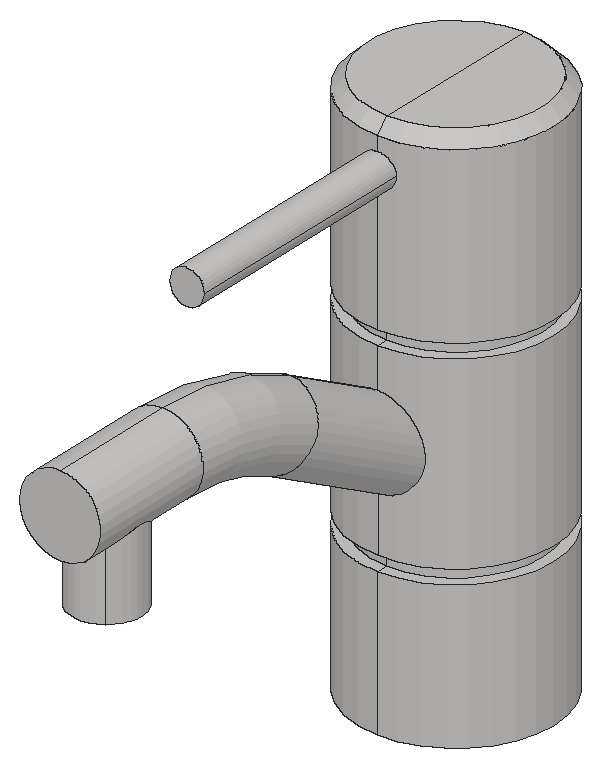
Revit family "Ifö Spira 15048 WB left - 415 mm", category Generic Models, Revit 2015
Parameters (values of type "Ifö Spira 15048 WB  left - 415 mm")
  ifcExportType = "WASHHANDBASIN"
  ifcExportAs = "ifcSanitaryTerminalType"
  Width = 415.00 mm
  WashHandBasingMounting = "WallHung"
  WashHandBasinType = "Vanity"
  WarrantyStartDate = "n/a"
  WarrantyGuarantorParts = "n/a"
  WarrantyGuarantorLabor = "n/a"
  WarrantyDurationUnit = "n/a"
  WarrantyDurationParts = "n/a"
  WarrantyDurationLabor = "n/a"
  WarrantyDescription = "n/a"
  URL.se = "http://www.ifo.se/produkter/tvattstall/"
  URL.no = "http://www.ifosanitar.no/produkter/servanter/"
  URL.dk = "http://www.ifo.dk/produkter/handvaske/"
  URL = "n/a"
  Type Comments = "n/a"
  Type = "Building element"
  TagNumber = "n/a"
  SustainabilityPerformance = "n/a"
  SupplyPipeDiameter = 10.00 mm
  Size = "415x148x310"
  Shape = "Rounded"
  Serie = "Spira"
  SerialNumber = "n/a"
  ReturnPipeDiameter = 32.00 mm
  ReplacementCost = "n/a"
  NominalWidth = 415.00 mm
  NominalHeight = 148.00 mm
  NominalDepth = 310.00 mm
  Name = "Ifö Spira 15048 Wash basin L, 41,5 cm"
  MountingHeight(offset) = 850.00 mm
  ModelReference = "Spira"
  ModelNumber = "15048"
  Model = "Ifö Spira 15048 WB 415 mm left"
  Mixernotincluded(option) = yes
  Material = "Porcelain"
  Manufacturer = "Geberit"
  Keynote = "n/a"
  InstallationDate = "n/a"
  Height = 148.00 mm
  Grade = "n/a"
  Finish = "Glazed"
  Features = "feature1, feature2, feature7"
  ExpectedLife = "n/a"
  DurationUnit = "n/a"
  DrainSize = 0.00 mm
  Description = "Ifö Spira 15048 Wash basin L, 41,5 cm"
  Depth = 310.00 mm
  Constituents = "n/a"
  ConnectorIn_VDistance = 50.00 mm
  ConnectorIn_HDistance = 120.00 mm
  Color = "White"
  CodePerformance = "n/a"
  Category = "WashHandBasin"
  CE labeling = "n/a"
  Brand = "Ifö"
  Brackets = Metal-Steel
  BarCode = "n/a"
  BIMObjectName = "Ifö Spira 15048 WB left - 415 mm"
  AssetType = "n/a"
  AssetIdentifier = "n/a"
  AccessibilityPerformance = "n/a"
Reference planes
  plane 1 "Center (Front/Back)": y = 0
  plane 2: z = 0
  plane 3 "Center (Left/Right)": x = 0
  plane 4: z = 850
  plane 5 "Drain": z = 720.05
  plane 6: z = 770.05
  plane 7: x = 120
  plane 8: x = -120
  plane 9: y = -148.062
Dimensions and locks
  "MountingHeight(offset)": level to nested 1
  "MountingHeight(offset)": plane 4 to level
  locked: plane 4 to plane 5 "Drain" at 129.95
  "ConnectorIn_VDistance": plane 6 to plane 5 "Drain"
  "ConnectorIn_HDistance": plane 3 "Center (Left/Right)" to plane 8
  "ConnectorIn_HDistance": plane 7 to plane 3 "Center (Left/Right)"
  locked: connector elem to plane 6  (x2)
  locked: plane 8 to connector elem
  locked: connector elem to plane 7 at 0
  locked: connector elem to plane 9
  aligned and locked: plane 2 to level
  aligned and locked: plane 3 "Center (Left/Right)" to nested 1
  aligned and locked: nested 1 to plane 1 "Center (Front/Back)"
Nested families
  nested 1: "Generic" at (0, 0, 150), type "Generic"
Connectors
  piping at (120, 0, 770.05), diameter 10, driven by "SupplyPipeDiameter"
    settings: index 1, connector inside diameter 24", connector length 0.00 mm, flow factor 0, pipe flow 0 GPM, pressure drop 0.00 psi, fitting loss kfactor 0, connector angle 0.00°, fixture units 0, engagement length 0.00 mm, angle of deflection 0.00°, flow configuration 0, flow direction 1, fitting loss method 0, system type 20, joint type 0, gender type 0, connector reference index -1, connector utility 0, adjustable connector no, is connector primary yes, connector description ""
  piping at (-120, 0, 770.05), diameter 10, driven by "SupplyPipeDiameter"
    settings: index 2, connector inside diameter 24", connector length 0.00 mm, flow factor 0, pipe flow 0 GPM, pressure drop 0.00 psi, fitting loss kfactor 0, connector angle 0.00°, fixture units 0, engagement length 0.00 mm, angle of deflection 0.00°, flow configuration 0, flow direction 1, fitting loss method 0, system type 19, joint type 0, gender type 0, connector reference index -1, connector utility 0, adjustable connector no, is connector primary no, connector description ""
  piping at (0, -148.062, 720.05), diameter 32, driven by "ReturnPipeDiameter"
    settings: index 3, connector inside diameter 24", connector length 0.00 mm, flow factor 0, pipe flow 0 GPM, pressure drop 0.00 psi, fitting loss kfactor 0, connector angle 0.00°, fixture units 0, engagement length 0.00 mm, angle of deflection 0.00°, flow configuration 0, flow direction 2, fitting loss method 0, system type 16, joint type 0, gender type 0, connector reference index -1, connector utility 0, adjustable connector no, is connector primary no, connector description ""
Definition of nested family "Generic"
  Parameters
    VVS number = ""
    Reseller = ""
    Ifö number = ""
    Fittings = none
    CE labeling = ""
  Reference planes
    plane 1 "Center (Front/Back)": y = 0
    plane 2: z = 0
    plane 3 "Center (Left/Right)": x = 0
    plane 4: z = 700
  Forms (mm)
    Revolve 1, solid, material <- "Fittings"
      sketch origin (-100, 11.41, 508.316) x (0, 1, 0) y (0, 0, 1)
        loop
          line (-81.936, 191.684) -> (-64.936, 191.684) -> (-64.936, 286.704) -> (-79.789, 286.704) -> (-81.936, 284.557) -> (-81.936, 254.557) -> (-79.936, 254.557) -> (-79.936, 252.057) -> (-81.936, 252.057) -> (-81.936, 219.557) -> (-79.936, 219.557) -> (-79.936, 217.057) -> (-81.936, 217.057) -> (-81.936, 191.684)
        axis (-64.936, 286.704) -> (-64.936, 191.684)
      angle from 0 to 360
    Sweep 2, solid, material <- "Fittings"
      path origin (85, 8.91, 498.316) x (0, 1, 0) y (0, 0, 1)
        loop
          line (-147.967, 265.803) -> (-125.897, 265.803)
          arc (-125.897, 265.803) -> (-113.378, 264.21) -> (-101.657, 259.534) r 50
          line (-101.657, 259.534) -> (-72.443, 243.34)
      profile origin (85, -128.022, 764.119) x (0, 0, 1) y (1, 0, 0)
        loop
          circle (0, -185) r 7
    Extrusion 3, solid, material <- "Fittings"
      sketch origin (-100, 11.41, 508.316) x (1, 0, 0) y (0, 0, 1)
        loop
          circle (0, 279.191) r 3
      from 74.245 to 123.053
    Extrusion 4, solid, material <- "Fittings"
      sketch origin (74.135, -135.169, 235) x (0.601815, -0.798636, 0) y (0.798636, 0.601815, 0)
        loop
          circle (-109.679, -135.391) r 6.014
      from 527.873 to 511.219
  Cuts and joins
    joined: Revolve 1, Sweep 2, Extrusion 3, Extrusion 4
  Lines and regions (mm)
    Masking region 1
      outline origin (0, -149.481, 37.277) x (0, 1, 0) y (0, 0, 1)
        loop
          line (110.808, 757.743) -> (81.102, 757.743) -> (78.955, 755.596) -> (78.955, 753.229) -> (37.838, 753.229) -> (37.838, 747.229) -> (78.955, 747.229) -> (78.955, 725.596) -> (80.955, 725.596) -> (80.955, 723.096) -> (78.955, 723.096) -> (78.955, 716.259) -> (60.288, 726.606)
          arc (60.288, 726.606) -> (46.759, 732.003) -> (32.31, 733.842) r 57.711
          line (32.31, 733.842) -> (10.424, 733.842) -> (10.424, 719.842) -> (14.41, 719.842) -> (14.41, 708.941) -> (26.439, 708.941) -> (26.439, 719.842) -> (32.31, 719.842)
          arc (32.31, 719.842) -> (43.254, 718.449) -> (53.501, 714.361) r 43.711
          line (53.501, 714.361) -> (78.955, 700.252) -> (78.955, 690.596) -> (80.955, 690.596) -> (80.955, 688.096) -> (78.955, 688.096) -> (78.955, 663.613)
          arc (78.955, 663.613) -> (89.324, 664.491) -> (99.728, 664.729) r 169.135
          arc (99.728, 664.729) -> (106.335, 665.333) -> (112.955, 665.784) r 285.621
          line (112.955, 665.784) -> (112.955, 688.096) -> (110.955, 688.096) -> (110.955, 690.596) -> (112.955, 690.596) -> (112.955, 723.096) -> (110.955, 723.096) -> (110.955, 725.596) -> (112.955, 725.596) -> (112.955, 755.596) -> (110.808, 757.743)
    Masking region 2
      outline origin (-184.011, -215, 10.02) x (1, 0, 0) y (0, 0, 1)
        loop
          line (67.011, 715.353) -> (67.011, 691.085)
          arc (67.011, 691.085) -> (84.011, 690.185) -> (101.011, 691.085) r 161.126
          line (101.011, 691.085) -> (101.011, 715.353) -> (99.011, 715.353) -> (99.011, 717.853) -> (101.011, 717.853) -> (101.011, 750.353) -> (99.011, 750.353) -> (99.011, 752.853) -> (101.011, 752.853) -> (101.011, 782.853) -> (98.865, 785) -> (69.158, 785) -> (67.011, 782.853) -> (67.011, 752.853) -> (69.011, 752.853) -> (69.011, 750.353) -> (67.011, 750.353) -> (67.011, 717.853) -> (69.011, 717.853) -> (69.011, 715.353) -> (67.011, 715.353)
    Masking region 3
      outline origin (0, 0, 700) x (0, 1, 0) y (0, 0, 1)
        loop
          arc (-182.293, -0.137) -> (-144.883, 0.65) -> (-107.468, 0.248) r 1177.88
          arc (-107.468, 0.248) -> (-90.928, -0.154) -> (-74.393, 0.397) r 287.39
          arc (-74.393, 0.397) -> (-62.102, 1.652) -> (-49.753, 2.007) r 169.135
          arc (-49.753, 2.007) -> (-40.379, 2.818) -> (-30.984, 3.319) r 285.621
          arc (-30.984, 3.319) -> (-29.677, 3.551) -> (-28.375, 3.803) r 82.153
          arc (-28.375, 3.803) -> (-20.498, 5.674) -> (-12.656, 7.686) r 451.115
          arc (-12.656, 7.686) -> (-10.28, 8.489) -> (-7.9, 9.277) r 408.271
          arc (-7.9, 9.277) -> (-6.634, 9.557) -> (-5.35, 9.733) r 15.709
          arc (-5.35, 9.733) -> (-2.86, 9.083) -> (-1.374, 6.982) r 3.754
          arc (-1.374, 6.982) -> (-0.556, 3.83) -> (-0.15, 0.6) r 25.244
          arc (-0.15, 0.6) -> (-0.037, -1.88) -> (0, -4.363) r 82.195
          line (0, -4.363) -> (0, -56.286)
          arc (0, -56.286) -> (-0.069, -59.168) -> (-0.277, -62.043) r 59.903
          arc (-0.277, -62.043) -> (-0.407, -63.176) -> (-0.578, -64.305) r 31.897
          arc (-0.578, -64.305) -> (-0.954, -65.98) -> (-1.508, -67.605) r 16.056
          arc (-1.508, -67.605) -> (-1.985, -68.512) -> (-2.637, -69.303) r 5.011
          arc (-2.637, -69.303) -> (-3.292, -69.803) -> (-4.053, -70.123) r 3.249
          arc (-4.053, -70.123) -> (-4.493, -70.205) -> (-4.94, -70.232) r 3.644
          line (-4.94, -70.232) -> (-270.299, -70.232)
          arc (-270.299, -70.232) -> (-271.46, -70.306) -> (-272.614, -70.424) r 17.233
          arc (-272.614, -70.424) -> (-273.387, -70.967) -> (-273.388, -71.911) r 1.026
          line (-273.388, -71.911) -> (-262.392, -88.617)
          arc (-262.392, -88.617) -> (-264.215, -87.224) -> (-266.024, -85.812) r 225.082
          arc (-266.024, -85.812) -> (-268.035, -84.212) -> (-270.034, -82.597) r 331.584
          arc (-270.034, -82.597) -> (-271.73, -81.201) -> (-273.412, -79.788) r 215.763
          arc (-273.412, -79.788) -> (-278.13, -75.61) -> (-282.669, -71.238) r 150.612
          arc (-282.669, -71.238) -> (-286.725, -67.001) -> (-290.612, -62.607) r 149.147
          arc (-290.612, -62.607) -> (-300.184, -49.372) -> (-308.115, -35.094) r 137.159
          arc (-308.115, -35.094) -> (-308.962, -33.2) -> (-309.707, -31.264) r 38.738
          arc (-309.707, -31.264) -> (-310.357, -29.452) -> (-311.024, -27.647) r 214.751
          arc (-311.024, -27.647) -> (-311.604, -26.003) -> (-312.121, -24.339) r 45.677
          arc (-312.121, -24.339) -> (-312.444, -23.271) -> (-312.794, -22.212) r 45.06
          arc (-312.794, -22.212) -> (-313.34, -20.535) -> (-313.828, -18.841) r 51.987
          arc (-313.828, -18.841) -> (-314.3, -17.183) -> (-314.817, -15.539) r 62.384
          arc (-314.817, -15.539) -> (-315.965, -11.623) -> (-316.89, -7.647) r 72.086
          arc (-316.89, -7.647) -> (-317.085, -6.755) -> (-317.171, -5.846) r 7.547
          arc (-317.171, -5.846) -> (-317.176, -5.231) -> (-317.151, -4.616) r 12.351
          arc (-317.151, -4.616) -> (-317.061, -4.05) -> (-316.87, -3.511) r 3.124
          arc (-316.87, -3.511) -> (-315.37, -1.641) -> (-313.17, -0.689) r 4.977
          arc (-313.17, -0.689) -> (-309.02, -0.173) -> (-304.842, 0) r 50.675
          line (-304.842, 0) -> (-182.293, 0)
    Masking region 4
      outline origin (0, 0, 700) x (1, 0, 0) y (0, 0, 1)
        loop
          arc (-171.9, -70.499) -> (-155.583, -71.74) -> (-139.291, -73.265) r 939.994
          arc (-139.291, -73.265) -> (-108.965, -76.868) -> (-78.772, -81.454) r 939.994
          arc (-78.772, -81.454) -> (0, -88.757) -> (78.772, -81.454) r 428.519
          arc (78.772, -81.454) -> (108.965, -76.868) -> (139.291, -73.265) r 939.994
          arc (139.291, -73.265) -> (155.583, -71.74) -> (171.9, -70.499) r 939.994
          line (171.9, -70.499) -> (195.382, -70.23)
          arc (195.382, -70.23) -> (198.448, -69.519) -> (200.518, -67.148) r 5.116
          arc (200.518, -67.148) -> (201.284, -65.624) -> (201.98, -64.067) r 37.119
          arc (201.98, -64.067) -> (202.851, -59.618) -> (203.128, -55.093) r 34.27
          arc (203.128, -55.093) -> (203.414, -50) -> (203.85, -44.917) r 172.016
          arc (203.85, -44.917) -> (205.166, -35.364) -> (206.2, -25.777) r 328.324
          arc (206.2, -25.777) -> (206.922, -16.007) -> (208.016, -6.271) r 257.195
          arc (208.016, -6.271) -> (207.981, -3.132) -> (207.777, 0) r 58.103
          arc (207.777, 0) -> (205.085, 5.948) -> (199.294, 8.964) r 9.991
          arc (199.294, 8.964) -> (194.311, 9.517) -> (189.3, 9.702) r 68.081
          line (189.3, 9.702) -> (-83, 9.702) -> (-83, 1.105)
          arc (-83, 1.105) -> (-100, 0.205) -> (-117, 1.105) r 161.126
          line (-117, 1.105) -> (-117, 9.702) -> (-189.3, 9.702)
          arc (-189.3, 9.702) -> (-194.311, 9.517) -> (-199.294, 8.964) r 68.081
          arc (-199.294, 8.964) -> (-205.085, 5.948) -> (-207.777, 0) r 9.991
          arc (-207.777, 0) -> (-207.981, -3.132) -> (-208.016, -6.271) r 58.103
          arc (-208.016, -6.271) -> (-206.922, -16.007) -> (-206.2, -25.777) r 257.195
          arc (-206.2, -25.777) -> (-205.166, -35.364) -> (-203.85, -44.917) r 328.324
          arc (-203.85, -44.917) -> (-203.414, -50) -> (-203.128, -55.093) r 172.016
          arc (-203.128, -55.093) -> (-202.851, -59.618) -> (-201.98, -64.067) r 34.27
          arc (-201.98, -64.067) -> (-201.284, -65.624) -> (-200.518, -67.148) r 37.119
          arc (-200.518, -67.148) -> (-198.448, -69.519) -> (-195.382, -70.23) r 5.116
          line (-195.382, -70.23) -> (-171.9, -70.499)
    Masking region 5
      outline origin (0, 0, 0) x (1, 0, 0) y (0, 1, 0)
        loop
          line (193.607, 0) -> (-193.607, 0)
          arc (-193.607, 0) -> (-199.257, -0.485) -> (-204.741, -1.926) r 33.146
          arc (-204.741, -1.926) -> (-206.694, -3.928) -> (-207.6, -6.574) r 6.361
          arc (-207.6, -6.574) -> (-207.813, -68.203) -> (-206.941, -129.827) r 3501.226
          arc (-206.941, -129.827) -> (-205.319, -191.477) -> (-203.284, -253.116) r 9194.812
          arc (-203.284, -253.116) -> (-203.07, -258.477) -> (-202.817, -263.835) r 744.597
          arc (-202.817, -263.835) -> (-202.615, -266.706) -> (-202.302, -269.566) r 74.051
          arc (-202.302, -269.566) -> (-202.025, -271.462) -> (-201.687, -273.348) r 58.359
          arc (-201.687, -273.348) -> (-200.095, -279.531) -> (-197.799, -285.489) r 55.223
          arc (-197.799, -285.489) -> (-194.9, -290.008) -> (-190.937, -293.632) r 20.736
          spline (-190.937, -293.632) -> (-189.314, -294.718) -> (-187.637, -295.74) -> (-185.905, -296.7) -> (-184.118, -297.596) -> (-182.277, -298.429) -> (-180.382, -299.198) -> (-178.432, -299.905) -> (-176.428, -300.548) -> (-174.369, -301.128) -> (-172.256, -301.644) -> (-170.088, -302.098) -> (-167.866, -302.488)
          arc (-167.866, -302.488) -> (-160.93, -303.62) -> (-153.992, -304.736) r 3072.649
          arc (-153.992, -304.736) -> (-115.707, -310.112) -> (-77.246, -314.04) r 1024.931
          arc (-77.246, -314.04) -> (-38.656, -316.417) -> (0, -317.141) r 903.834
          arc (0, -317.141) -> (38.656, -316.417) -> (77.246, -314.04) r 903.834
          arc (77.246, -314.04) -> (115.707, -310.112) -> (153.992, -304.736) r 1024.931
          arc (153.992, -304.736) -> (160.93, -303.62) -> (167.866, -302.488) r 3072.649
          spline (167.866, -302.488) -> (170.088, -302.098) -> (172.256, -301.644) -> (174.369, -301.128) -> (176.428, -300.548) -> (178.432, -299.905) -> (180.382, -299.198) -> (182.277, -298.429) -> (184.118, -297.596) -> (185.905, -296.7) -> (187.637, -295.74) -> (189.314, -294.718) -> (190.937, -293.632)
          arc (190.937, -293.632) -> (194.9, -290.008) -> (197.799, -285.489) r 20.736
          arc (197.799, -285.489) -> (200.095, -279.531) -> (201.687, -273.348) r 55.223
          arc (201.687, -273.348) -> (202.025, -271.462) -> (202.302, -269.566) r 58.359
          arc (202.302, -269.566) -> (202.615, -266.706) -> (202.817, -263.835) r 74.051
          arc (202.817, -263.835) -> (203.07, -258.477) -> (203.284, -253.116) r 744.597
          arc (203.284, -253.116) -> (205.319, -191.477) -> (206.941, -129.827) r 9194.812
          arc (206.941, -129.827) -> (207.813, -68.203) -> (207.6, -6.574) r 3501.226
          arc (207.6, -6.574) -> (206.694, -3.928) -> (204.741, -1.926) r 6.361
          arc (204.741, -1.926) -> (199.257, -0.485) -> (193.607, 0) r 33.146
    Masking region 6
      outline origin (0, 0, 700) x (1, 0, 0) y (0, 0, 1)
        loop
          line (-23.003, -129.892) -> (0, -129.892) -> (23.003, -129.892) -> (23.003, -113.033)
          arc (23.003, -113.033) -> (23.839, -110.465) -> (25.5, -108.335) r 7.801
          arc (25.5, -108.335) -> (29.091, -105.155) -> (32.74, -102.042) r 258.952
          arc (32.74, -102.042) -> (33.827, -101.202) -> (35.046, -100.57) r 7.659
          arc (35.046, -100.57) -> (36.026, -100.214) -> (37.053, -100.034) r 5.926
          arc (37.053, -100.034) -> (45.642, -96.968) -> (54.168, -93.733) r 461.079
          arc (54.168, -93.733) -> (60.584, -91.056) -> (66.873, -88.092) r 153.559
          arc (66.873, -88.092) -> (71.657, -85.605) -> (76.358, -82.965) r 166.254
          arc (76.358, -82.965) -> (77.577, -82.228) -> (78.772, -81.454) r 45.729
          arc (78.772, -81.454) -> (0, -88.757) -> (-78.772, -81.454) r 428.519
          arc (-78.772, -81.454) -> (-77.577, -82.228) -> (-76.358, -82.965) r 45.729
          arc (-76.358, -82.965) -> (-71.657, -85.605) -> (-66.873, -88.092) r 166.254
          arc (-66.873, -88.092) -> (-60.584, -91.056) -> (-54.168, -93.733) r 153.559
          arc (-54.168, -93.733) -> (-45.642, -96.968) -> (-37.053, -100.034) r 461.079
          arc (-37.053, -100.034) -> (-36.026, -100.214) -> (-35.046, -100.57) r 5.926
          arc (-35.046, -100.57) -> (-33.827, -101.202) -> (-32.74, -102.042) r 7.659
          arc (-32.74, -102.042) -> (-29.091, -105.155) -> (-25.5, -108.335) r 258.952
          arc (-25.5, -108.335) -> (-23.839, -110.465) -> (-23.003, -113.033) r 7.801
          line (-23.003, -113.033) -> (-23.003, -129.892)
    Masking region 7
      outline origin (0, 0, 700) x (0, 1, 0) y (0, 0, 1)
        loop
          arc (-241.987, -70.232) -> (-235.947, -74.989) -> (-229.635, -79.377) r 128.82
          arc (-229.635, -79.377) -> (-219.071, -85.731) -> (-208.024, -91.201) r 150.751
          arc (-208.024, -91.201) -> (-201.786, -93.937) -> (-195.43, -96.383) r 148.69
          arc (-195.43, -96.383) -> (-190.296, -98.238) -> (-185.125, -99.986) r 262.829
          arc (-185.125, -99.986) -> (-183.175, -100.498) -> (-181.435, -101.517) r 7.412
          arc (-181.435, -101.517) -> (-177.613, -104.742) -> (-173.774, -107.945) r 892.242
          arc (-173.774, -107.945) -> (-173.383, -108.334) -> (-172.979, -108.71) r 17.77
          arc (-172.979, -108.71) -> (-171.597, -110.936) -> (-171.064, -113.502) r 7.506
          line (-171.064, -113.502) -> (-171.064, -129.892) -> (-148.025, -129.892) -> (-124.986, -129.892) -> (-124.986, -113.502)
          arc (-124.986, -113.502) -> (-124.453, -110.936) -> (-123.07, -108.71) r 7.506
          arc (-123.07, -108.71) -> (-122.667, -108.334) -> (-122.275, -107.945) r 17.77
          arc (-122.275, -107.945) -> (-118.436, -104.742) -> (-114.615, -101.517) r 892.242
          arc (-114.615, -101.517) -> (-112.93, -100.521) -> (-111.043, -100.001) r 7.412
          arc (-111.043, -100.001) -> (-108.244, -97.98) -> (-105.854, -95.488) r 19.084
          arc (-105.854, -95.488) -> (-102.279, -90.693) -> (-99.724, -85.285) r 30.066
          arc (-99.724, -85.285) -> (-97.291, -77.871) -> (-95.694, -70.232) r 70.419
          line (-95.694, -70.232) -> (-241.987, -70.232)
    symbolic lines
      curve 1: line (-93, 0, 764.119) -> (-93, 0, 744.519)
      curve 2: line (-107, 0, 744.519) -> (-107, 0, 764.119)
      curve 3: circle (-100, 0, 787.507) r 3 normal (0, -1, 0)
      curve 4: line (-106.014, 0, 746.219) -> (-93.986, 0, 746.219)
      curve 5: line (-106.014, 0, 760.538) -> (-106.014, 0, 746.219)
      curve 6: line (-93.986, 0, 746.219) -> (-93.986, 0, 760.538)
      curve 7: circle (-100, 0, 764.119) r 7 normal (0, -1, 0)
      curve 8: line (-115, 0, 762.873) -> (-107, 0, 762.873)
      curve 9: line (-115, 0, 760.373) -> (-107, 0, 760.373)
      curve 10: line (-85, 0, 760.373) -> (-93, 0, 760.373)
      curve 11: line (-85, 0, 762.873) -> (-93, 0, 762.873)
      curve 12: line (-115, 0, 727.873) -> (-85, 0, 727.873)
      curve 13: line (-85, 0, 725.373) -> (-115, 0, 725.373)
      curve 14: line (0, -38.526, 762.873) -> (0, -68.526, 762.873)
      curve 15: line (0, -38.526, 760.373) -> (0, -68.526, 760.373)
      curve 16: line (0, -38.526, 727.873) -> (0, -68.526, 727.873)
      curve 17: line (0, -38.526, 725.373) -> (0, -68.526, 725.373)
      curve 18: line (0, -36.526, 792.873) -> (0, -70.526, 792.873)
      curve 19: circle (-100, -53.526, 215.355) r 17 normal (0, 0, 1)
      curve 20: circle (-100, -53.526, 0) r 14.85 normal (0, 0, 1)
      curve 21: line (-93, -139.057, 0) -> (-93, -69.018, 0)
      curve 22: line (-107, -139.057, 0) -> (-93, -139.057, 0)
      curve 23: line (-107, -69.018, 0) -> (-107, -139.057, 0)
      curve 24: line (-103, -111.643, 0) -> (-97, -111.643, 0)
      curve 25: line (-103, -70.259, 0) -> (-103, -111.643, 0)
      curve 26: line (-97, -111.643, 0) -> (-97, -70.259, 0)
      curve 27: line (0, -124.253, 758.128) -> (0, -135.071, 757.119)
      curve 28: spline (0, -123.04, 757.118) -> (0, -123.056, 757.128) -> (0, -123.089, 757.154) -> (0, -123.137, 757.193) -> (0, -123.202, 757.245) -> (0, -123.283, 757.312) -> (0, -123.379, 757.392) -> (0, -123.49, 757.484) -> (0, -123.615, 757.59) -> (0, -123.755, 757.707) -> (0, -123.909, 757.836) -> (0, -124.075, 757.977) -> (0, -124.253, 758.128)
      curve 29: line (0, -70.526, 753.536) -> (0, -70.526, 737.529)
      curve 30: circle (0, -148.237, 0) r 37 normal (0, 0, 1)
      curve 31: line (197.251, 0, 700) -> (-197.251, 0, 700)
      curve 32: arc (-197.251, 0, 700) -> (-202.163, 0, 697.898) -> (-204.034, 0, 692.894) r 6.79
      curve 33: arc (197.251, 0, 700) -> (202.163, 0, 697.898) -> (204.034, 0, 692.894) r 6.79
      curve 34: circle (0, -148.062, 0) r 23 normal (0, 0, 1)
      curve 35: line (-172.683, -129.599, 0) -> (-162.173, -249.729, 0)
      curve 36: arc (-155.04, -97.201, 0) -> (-131.052, -94.048, 0) -> (-107, -91.424, 0) r 1097.524
      curve 37: arc (-93, -90.143, 0) -> (31.22, -86.639, 0) -> (155.04, -97.201, 0) r 1097.524
      curve 38: line (-117, 0, 792.873) -> (-83, 0, 792.873)
      curve 39: arc (-25.892, 0, 591.996) -> (-0.012, 0, 592.228) -> (25.868, 0, 591.996) r 1439.267
      curve 40: arc (0, -123.07, 591.29) -> (0, -148.024, 591.543) -> (0, -172.977, 591.287) r 1225.125
      curve 41: arc (0, -111.043, 599.999) -> (0, -148.025, 600.104) -> (0, -185.006, 599.999) r 6485.894
      curve 42: arc (-107, 0, 744.519) -> (-100, 0, 737.519) -> (-93, 0, 744.519) r 7
      curve 43: arc (0, -70.526, 790.506) -> (0, -70.259, 787.507) -> (0, -70.526, 784.507) r 16.991
      curve 44: arc (-172.082, -114.697, 0) -> (-172.663, -122.137, 0) -> (-172.683, -129.599, 0) r 99.283
      curve 45: arc (-172.082, -114.697, 0) -> (-166.542, -103.046, 0) -> (-155.04, -97.201, 0) r 20
      curve 46: arc (-64.94, -287.197, 0) -> (0, -289.386, 0) -> (64.94, -287.197, 0) r 964.715
      curve 47: arc (-138.929, -276.37, 0) -> (-102.146, -283.226, 0) -> (-64.94, -287.197, 0) r 480.161
      curve 48: arc (-162.173, -249.729, 0) -> (-154.892, -266.837, 0) -> (-138.929, -276.37, 0) r 30
      curve 49: line (172.683, -129.599, 0) -> (162.173, -249.729, 0)
      curve 50: arc (172.082, -114.697, 0) -> (172.663, -122.137, 0) -> (172.683, -129.599, 0) r 99.283
      curve 51: arc (172.082, -114.697, 0) -> (166.542, -103.046, 0) -> (155.04, -97.201, 0) r 20
      curve 52: arc (162.173, -249.729, 0) -> (154.892, -266.837, 0) -> (138.929, -276.37, 0) r 30
      curve 53: arc (138.929, -276.37, 0) -> (102.146, -283.226, 0) -> (64.94, -287.197, 0) r 480.161
      curve 54: arc (-37.053, 0, 599.966) -> (0, 0, 600.099) -> (37.053, 0, 599.966) r 5140.703
  Dimensions and locks
    aligned and locked: plane 2 to level
